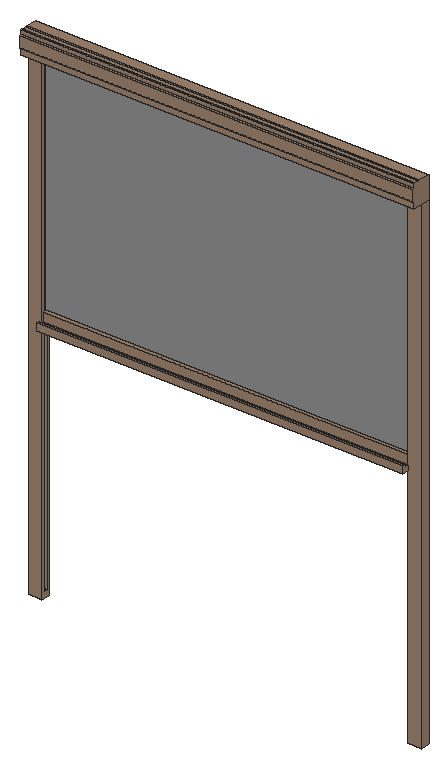
Revit family "Screen_Window_PrestigeSeries_PhantomScreens-1", category Windows, host Wall, Revit 2026
Family settings
  Host = Wall
  Classification Number = 23.30.60.21
  Always vertical = Yes
  Cut with Voids When Loaded = No
  Shared = No
  Room Calculation Point = No
Parameters (values of type "Type as Specified")
  Wooden Slide Bar = Dark Ash
  URL = "http://www.phantomscreens.com/"
  Track Width = 1.34766"
  Track Depth = 0.87109"
  Specification = "http://www.phantomscreens.com/architects-designers/specifications-binder/"
  Slide Bar Height = 1.395"
  Slide Bar Depth = 1.500"
  Screen Thickness = 0.03125"
  Screen = BetterVue™ Mesh
  Sales Information = "http://www.phantomscreens.com/support/"
  Revision = "R1_08-2016"
  Product Properties = "http://www.phantomscreens.com/drive/uploads/2015/05/technical_specs_serene.pdf"
  Product Data = "http://www.arcat.com/arcatcos/cos9540/arc40535.html"
  Percent Open [instance] = 50
  Model = "Prestige Series"
  Manufacturer Website = "http://www.phantomscreens.com/"
  Manufacturer Phone - Toll Free = ""
  Manufacturer Phone = "604-855-3654"
  Manufacturer Fax = "604-855-7834"
  Manufacturer Address = "30451 Simpson Rd.; Abbotsford; BC; Canada V2T 6C7"
  Manufacturer = "Phantom Screens"
  Keynote = "08 11 00"
  Installation-Fabrication = "http://www.phantomscreens.com/architects-designers/options/"
  Housing Depth = 1.901"
  Housing Height = 2.264"
  Height [instance] = 48.000"
  Drawn By = "Sumex Design - Robert S Weygant"
  Description = "Phantom Screens Prestige Series Screen"
  Default Sill Height = 36.000"
  Wall Closure = By host
  Width [instance] = 36.000"
  Copyright = "� 2016 ARCAT Inc."
  Construction Details = "http://www.arcat.com/details/phantoms/95prod3446.html"
  Assembly Code = "B2020400"
  Amount Open [instance] = Height * (Percent Open / 100)  # 24.000"
  Aluminum Track = Dark Ash
  Aluminum Slide Bar = Dark Ash
  Aluminum Housing = Dark Ash
Reference planes (in)
  plane 1 "Center (Front/Back)": y = 0
  plane 2: z = 0
  plane 3 "Center (Left/Right)": x = 0
  plane 4 "Left": x = -18
  plane 5 "Right": x = 18
  plane 6 "Sill": z = 36
  plane 7 "Top": z = 84
  plane 8: z = 86.264
  plane 9: x = 19.34766
  plane 10: x = -19.34766
  plane 11: y = -3
  plane 12: y = -4.901
  plane 13: z = 60
  plane 14: z = 61.395
  plane 15: y = -3.35938
  plane 16: y = -3.39062
  plane 17: y = -3.87109
  plane 18: y = -4.5
Forms (in)
  Extrusion 1, solid, material "Dark Ash" <- "Aluminum Track"
    sketch origin (0, 0, 0) x (1, 0, 0) y (0, 0, 1)
      loop
        line (19.34766, 84) -> (18, 84) -> (18, 36) -> (19.34766, 36) -> (19.34766, 84)
    from 3 to 3.87109
  Extrusion 2, solid, material "Dark Ash" <- "Aluminum Track"
    sketch origin (0, 0, 0) x (-1, 0, 0) y (0, 0, -1)
      loop
        line (19.34766, -84) -> (19.34766, -36) -> (18, -36) -> (18, -84) -> (19.34766, -84)
    from 3 to 3.87109
  Extrusion 3, solid, material "Dark Ash" <- "Wooden Slide Bar"
    sketch origin (0, 0, 0) x (0, 1, 0) y (0, 0, 1)
      loop
        line (-3.76953, 61.395) -> (-3.76953, 60.5) -> (-4.25, 60.5) -> (-4.25, 60.7) -> (-4.5, 60.7) -> (-4.5, 60) -> (-3, 60) -> (-3, 61.395) -> (-3.76953, 61.395)
    from -18 to 18
  Extrusion 4, solid, material "BetterVue™ Mesh" <- "Screen"
    sketch origin (0, 0, 0) x (0, 1, 0) y (0, 0, 1)
      loop
        line (-3.35938, 61.395) -> (-3.35938, 84) -> (-3.39063, 84) -> (-3.39063, 61.395) -> (-3.35938, 61.395)
    from -18 to 18
  Extrusion 5, solid, material "Dark Ash" <- "Aluminum Housing"
    sketch origin (0, 0, 0) x (0, 1, 0) y (0, 0, 1)
      loop
        line (-4.901, 84.6875) -> (-4.78672, 84.57322) -> (-4.78672, 84) -> (-3, 84) -> (-3, 86.264) -> (-4.14062, 86.264) -> (-4.21254, 86.19208) -> (-4.62425, 86.19208) -> (-4.66577, 86.264) -> (-4.74056, 86.264) -> (-4.78672, 86.21783) -> (-4.78672, 85.81578) -> (-4.901, 85.7015) -> (-4.901, 84.6875)
    from -19.34766 to 19.34766
  Extrusion 6, void
    sketch origin (0, 0, 36) x (0, -1, 0) y (1, 0, 0)
      loop
        line (3.23437, 18) -> (3.66016, 18) -> (3.66016, 18.37421) -> (3.76953, 18.37421) -> (3.76953, 19.09766) -> (3.13803, 19.09766) -> (3.13803, 18.37421) -> (3.23437, 18.37421) -> (3.23437, 18)
      loop
        line (3.23437, -18) -> (3.23437, -18.37421) -> (3.13803, -18.37421) -> (3.13803, -19.09766) -> (3.76953, -19.09766) -> (3.76953, -18.37421) -> (3.66016, -18.37421) -> (3.66016, -18) -> (3.23437, -18)
    from 0.62071 to 48
Cuts and joins
  Extrusion 6 cuts Extrusion 1
  Extrusion 6 cuts Extrusion 2
Text (in)
  text "EXTERIOR" at (-69.21001, -25.56818, 0), in view "Ref. Level"
  text "INTERIOR" at (-66.85452, 30.38598, 0), in view "Ref. Level"
  text "Exterior" at (0, 43.65631, 123.19604), in view "Left"
  text "Exterior" at (0, 18.29385, 125.04747), in view "Right"
Dimensions and locks (in)
  equal spacing: plane 4 "Left", plane 3 "Center (Left/Right)", plane 5 "Right"
  "Width": plane 4 "Left" to plane 5 "Right"
  "Height": plane 6 "Sill" to plane 7 "Top"
  "Default Sill Height": plane 2 to plane 6 "Sill"
  "Housing Height": plane 7 "Top" to plane 8
  "Housing Depth": plane 11 to plane 12
  "Screen Thickness": plane 15 to plane 16
  "Slide Bar Height": plane 13 to plane 14
  "Track Width": plane 5 "Right" to plane 9
  "Track Width": plane 10 to plane 4 "Left"
  "Track Depth": plane 17 to plane 11
  "Slide Bar Depth": plane 18 to plane 11
  "Amount Open": plane 13 to plane 6 "Sill"
  locked: plane 11 to plane 15 at 0.35938
  aligned and locked: level to plane 2
  aligned and locked: Extrusion 1 to plane 11
  aligned and locked: Extrusion 2 to plane 4 "Left"
  aligned and locked: plane 10 to Extrusion 2
  aligned and locked: Extrusion 4 sketch curve to plane 15
  aligned and locked: plane 7 "Top" to Extrusion 4 sketch curve
  aligned and locked: plane 16 to Extrusion 4 sketch curve
  aligned and locked: Extrusion 3 to plane 5 "Right"
  aligned and locked: Extrusion 4 to plane 5 "Right"
  aligned and locked: plane 5 "Right" to Extrusion 3  (x2)
  aligned and locked: Extrusion 1 to plane 9
  aligned and locked: plane 4 "Left" to Extrusion 3
  aligned and locked: Extrusion 4 to plane 7 "Top"
  aligned and locked: plane 5 "Right" to Extrusion 1
  aligned and locked: Extrusion 4 to plane 16
  aligned and locked: plane 15 to Extrusion 4
  aligned and locked: Extrusion 2 to plane 11
  aligned and locked: Extrusion 4 to plane 14
  aligned and locked: plane 4 "Left" to Extrusion 4
  aligned and locked: Extrusion 5 to plane 9
  aligned and locked: plane 10 to Extrusion 5
  aligned and locked: Extrusion 1 to plane 17
  aligned and locked: Extrusion 2 to Extrusion 1
  aligned and locked: Extrusion 6 to plane 7 "Top"
  aligned and locked: cut or joined group of Extrusion 2, Extrusion 6 to plane 11
  aligned and locked: plane 11 to cut or joined group of Extrusion 1, Extrusion 6
  aligned and locked: plane 11 to host wall
  aligned and locked: plane 11 to Extrusion 5 sketch curve
  aligned and locked: Extrusion 5 sketch curve to plane 8  (x2)
  aligned and locked: plane 7 "Top" to Extrusion 5 sketch curve
  aligned and locked: plane 12 to Extrusion 5 sketch curve
  aligned and locked: plane 14 to Extrusion 3 sketch curve
  aligned and locked: plane 13 to Extrusion 3 sketch curve
  aligned and locked: plane 18 to Extrusion 3 sketch curve
  aligned and locked: plane 11 to Extrusion 3 sketch curve
Automatic sketch dimensions
  plane 4 "Left" to Extrusion 2 sketch curve = 0.000"
  Extrusion 2 sketch curve to plane 6 "Sill" = 0.000"
  plane 10 to Extrusion 2 sketch curve = 0.000"
  Extrusion 2 sketch curve to plane 7 "Top" = 0.000"
  plane 13 to Extrusion 3 sketch curve = 0.500"
  Extrusion 3 sketch curve to Extrusion 3 sketch curve = 0.200"
  plane 9 to Extrusion 1 sketch curve = 0.000"
  Extrusion 1 sketch curve to plane 7 "Top" = 0.000"
  Extrusion 3 sketch curve to plane 17 = 0.37891"
  plane 5 "Right" to Extrusion 1 sketch curve = 0.000"
  Extrusion 1 sketch curve to plane 6 "Sill" = 0.000"
  Extrusion 5 sketch curve to plane 8 = 0.04617"
  Extrusion 5 sketch curve to plane 12 = 0.11428"  (x2)
  Extrusion 5 sketch curve to Extrusion 5 sketch curve = 0.04617"
  Extrusion 5 sketch curve to Extrusion 5 sketch curve = 0.4117"
  Extrusion 5 sketch curve to Extrusion 5 sketch curve = 0.07192"
  Extrusion 5 sketch curve to plane 7 "Top" = 0.57322"
  Extrusion 5 sketch curve to plane 8 = 0.5625"
  Extrusion 5 sketch curve to Extrusion 5 sketch curve = 0.11428"  (x2)
  Extrusion 5 sketch curve to Extrusion 5 sketch curve = 0.07479"
  Extrusion 5 sketch curve to plane 8 = 0.07192"
  Extrusion 6 sketch curve to plane 5 "Right" = 0.000"
  Extrusion 6 sketch curve to plane 4 "Left" = 0.000"
  plane 15 to Extrusion 6 sketch curve = 0.125"  (x2)
  Extrusion 6 sketch curve to Extrusion 6 sketch curve = 0.09635"  (x2)
  plane 17 to Extrusion 6 sketch curve = 0.21094"
  plane 17 to Extrusion 6 sketch curve = 0.10156"  (x2)
  plane 4 "Left" to Extrusion 6 sketch curve = 0.37421"  (x2)
  Extrusion 6 sketch curve to plane 5 "Right" = 0.37421"  (x2)
  plane 9 to Extrusion 6 sketch curve = 0.250"
  Extrusion 6 sketch curve to plane 10 = 0.250"
  Extrusion 6 sketch curve to Extrusion 6 sketch curve = 0.10938"
  Extrusion 5 sketch curve to Extrusion 5 sketch curve = 0.04152"
  Extrusion 4 sketch curve to plane 14 = 0.000"
  plane 17 to Extrusion 3 sketch curve = 0.10156"
